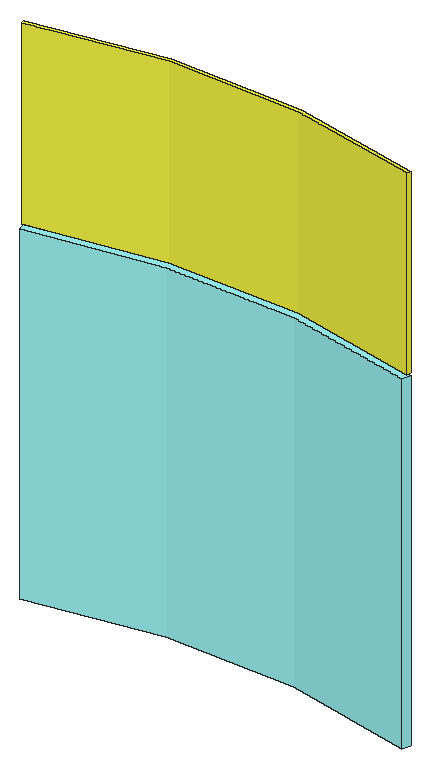
Revit family "EXP_WT-1A_CPan-008", category Curtain Panels, Revit 2021
Family settings
  OmniClass Number = 23.25.20.14.11.11.17
  OmniClass Title = Infill Panels
  Always vertical = Yes
  Cut with Voids When Loaded = Yes
  Shared = No
Parameters (values of type "R = 18'  0" _ H2 = 8' 5 1/2"")
  UI-UnitNumber [instance] = "01"
  UI-Quadrant [instance] = "SE"
  UI-ProjectAbbreviation = "NEU"
  UI-ItemCategory = "PID"
  UI-FloorNumber [instance] = "03"
  PNT-WallType = "WT1A"
  PNT-ProjectAbbreviation = "NEU"
  PNT-PanelType [instance] = "01"
  PNT-ItemCategory = "PNL"
  GlassSPH2(x2) [instance] = 0' - 2 3/8"
  GlassSPH1 [instance] = 0' - 1 1/8"
  GlassH2 [instance] = IG-1C(Glass)
  GlassH1 [instance] = IG-3C(Glass)
  Description = "Curve"
  Define Thermal Properties by = Schematic Type
  CellSp = 0' - 10 3/16"
  CellRayIN [instance] = CellRayEX - CellSp  # 17' - 1 13/16"
  CellRayEX = 18' - 0"
  CellLArch [instance] = 9' - 11.6335"
  CellH2 = 8' - 5 1/2"
  CellH1 [instance] = CellH - CellH2  # 4' - 7.98031"
  CellH [instance] = 13' - 1.48031"
  Analytic Construction = "<None>"
Types (6): name | CellRayIN | CellRayEX | CellLArch | CellH2 | CellH1
  R = 18'  0" _ H2 = 8' 5 1/2" | 17' - 1 13/16" | 18' - 0" | 9' - 11.6335" | 8' - 5 1/2" | 4' - 7.98031"
  R = 10'  6" _ H2 = 8' 5 1/2" | 9' - 7 13/16" | 10' - 6" | 10' - 2.92782" | 8' - 5 1/2" | 4' - 7.98031"
  R = 10'  6" _ H2 = 9' 8" | 9' - 7 13/16" | 10' - 6" | 10' - 2.92782" | 9' - 8" | 3' - 5.48031"
  R = 10'  6" _ H2 = 6' 0 1/2" | 9' - 7 13/16" | 10' - 6" | 10' - 2.92782" | 6' - 0 1/2" | 7' - 0.98031"
  R = 18'  0" _ H2 = 9' 8" | 17' - 1 13/16" | 18' - 0" | 9' - 11.6335" | 9' - 8" | 3' - 5.48031"
  R = 10'  6" _ H2 = 9'  11 1/2" | 9' - 7 13/16" | 10' - 6" | 10' - 2.92782" | 9' - 11 1/2" | 3' - 1.98031"
Reference planes (in)
  plane 1 "Center (Front/Back)": y = 0
  plane 2: z = 0
  plane 3 "Center (Left/Right)": x = 0
  plane 4 "Left": x = -59.05512
  plane 5 "Right": x = 59.05512
  plane 6 "Top": z = 157.48031
  plane 7: z = 101.5
Forms (in)
  Extrusion 1, solid, material "IG-1C(Glass)" <- "GlassH2", detail levels coarse+medium
    sketch origin (0, 0, 0) x (1, 0, 0) y (0, 1, 0)
      loop
        line (-59.05512, 0) -> (-56.26982, -9.79935)
        arc (-56.26982, -9.79935) -> (0, -1.95779) -> (56.26982, -9.79935) r 205.8125
        line (56.26982, -9.79935) -> (59.05512, 0)
        arc (59.05512, 0) -> (0, 8.22971) -> (-59.05512, 0) r 216
    from 0 to 101.5
  Extrusion 2, solid, material "IG-3C(Glass)" <- "GlassH1", detail levels coarse+medium
    sketch origin (0, 0, 0) x (1, 0, 0) y (0, 1, 0)
      loop
        arc (59.05512, 0) -> (0, 8.22971) -> (-59.05512, 0) r 216
        line (-59.05512, 0) -> (-56.26982, -9.79935)
        arc (-56.26982, -9.79935) -> (0, -1.95779) -> (56.26982, -9.79935) r 205.8125
        line (56.26982, -9.79935) -> (59.05512, 0)
    from 101.5 to 157.48031
Lines and regions (in)
  reference lines
    curve 1: line (59.05512, 0, 0) -> (0, -207.77029, 0)
    curve 2: line (-59.05512, 0, 0) -> (0, -207.77029, 0)
    curve 3: line (59.05512, 0, 0) -> (33.30348, 7.31946, 0)
    curve 4: line (-59.05512, 0, 0) -> (-31.03127, 7.96529, 0)
  model lines
    curve 5: arc (-59.05512, 0, 0) -> (0, 8.22971, 0) -> (59.05512, 0, 0) r 216
    curve 6: line (-59.05512, 0, 0) -> (-56.26982, -9.79935, 0)
    curve 7: line (59.05512, 0, 0) -> (56.26982, -9.79935, 0)
    curve 8: arc (56.26982, -9.79935, 0) -> (0, -1.95779, 0) -> (-56.26982, -9.79935, 0) r 205.8125
Text (in)
  text "Exterior" at (-92.59733, 55.75508, 0), in view "Ref. Level"
  text "Exterior" at (0, 90.18664, 173.49264), in view "Left"
  text "Exterior" at (0, 52.29083, 162.21847), in view "Right"
Dimensions and locks (in)
  equal spacing: plane 4 "Left", plane 3 "Center (Left/Right)", plane 5 "Right"
  "CellRayEX": curve 2 to curve 2
  "CellRayEX": curve 2 to curve 1
  "CellSp": curve 6 to curve 6
  "CellSp": curve 7 to curve 7
  "CellH": plane 2 to plane 6 "Top"
  "CellH2": plane 2 to plane 7
  "CellRayEX": radius of curve 5
  locked: curve 2 to curve 4 (angle 90.00°)
  locked: curve 3 to curve 1 (angle 90.00°)
  "CellLArch": arc length of Extrusion 1  (x2)
  aligned and locked: level to plane 2
  aligned and locked: curve 6 to curve 2
  aligned and locked: curve 7 to curve 1
  aligned and locked: Extrusion 1 sketch curve to curve 5
  aligned and locked: Extrusion 1 sketch curve to curve 8
  aligned and locked: Extrusion 1 sketch curve to curve 7
  aligned and locked: Extrusion 1 sketch curve to curve 6
  aligned and locked: Extrusion 1 to level
  aligned and locked: plane 7 to Extrusion 1
  aligned and locked: Extrusion 2 sketch curve to Extrusion 1  (x4)
  aligned and locked: Extrusion 2 to plane 6 "Top"
  aligned and locked: Extrusion 2 to plane 7
  aligned and locked: plane 4 "Left" to nested 1
  aligned and locked: plane 5 "Right" to nested 1
  aligned and locked: plane 1 "Center (Front/Back)" to nested 1
  aligned and locked: nested 1 to plane 6 "Top"
  aligned and locked: plane 7 to nested 1
  aligned and locked: plane 4 "Left" to nested 2
  aligned and locked: plane 5 "Right" to nested 2
  aligned and locked: plane 1 "Center (Front/Back)" to nested 2
  aligned and locked: plane 7 to nested 2
  aligned and locked: plane 2 to nested 2
Automatic sketch dimensions
  curve 5 to curve 8 = 0' - 0"
  plane 1 "Center (Front/Back)" to curve 5 = 0' - 0"
  curve 8 to plane 3 "Center (Left/Right)" = 0' - 0"
  plane 1 "Center (Front/Back)" to curve 4 = 0' - 0"
  curve 4 to plane 4 "Left" = 0' - 0"
  curve 2 to plane 3 "Center (Left/Right)" = 0' - 0"
  plane 1 "Center (Front/Back)" to curve 3 = 0' - 0"
Nested families (in)
  nested 1: "EXP_WT-1x_IG-010" at (0, 0, 129.49016), GlassRayEX <- "CellRayEX", GlassSP <- "GlassSPH1", MaterialGlass <- "GlassH1", type "GlassSP = H1", detail levels fine
    with MaterialGlass IG-3C(Glass), GlassSP 0' - 1 1/8", GlassRayIN 17' - 10 7/8", GlassRayEX 18' - 0", GlassL 9' - 8.23622", GlassH 4' - 6.29134", CellL 9' - 10.11024", CellH 4' - 7.98031"
  nested 2: "EXP_WT-1x_IG-010" at (0, 0, 50.75), GlassRayEX <- "CellRayEX", GlassSP <- "GlassSPH2(x2)", MaterialGlass <- "GlassH2", type "GlassSP = H2(x2)", detail levels fine
    with MaterialGlass IG-1C(Glass), GlassSP 0' - 2 3/8", GlassRayIN 17' - 9 5/8", GlassRayEX 18' - 0", GlassL 9' - 8.23622", GlassH 8' - 3.56299", CellL 9' - 10.11024", CellH 8' - 5 1/2"
Definition of nested family "EXP_WT-1x_IG-010"
  Parameters (values of type "GlassSP = H3")
    MaterialGlass [instance] = none
    GlassSP [instance] = 0' - 1.25197"
    GlassRayIN [instance] = GlassRayEX - GlassSP  # 17' - 10.74803"
    GlassRayEX [instance] = 18' - 0"
    GlassL [instance] = CellL - (GlassD1 + GlassD3)  # 3' - 10.94488"
    GlassH [instance] = CellH - (GlassD2 + GlassD4)  # 6' - 6.64788"
    GlassD4 = 0' - 1.43701"
    GlassD3 = 0' - 0.93701"
    GlassD2 = 0' - 0 1/2"
    GlassD1 = 0' - 0.93701"
    GMPI-ProjectAbbreviation = "NEU"
    GMPI-IteamCategory = "GLS"
    Default Elevation = 0' - 0"
    CellL [instance] = 4' - 0.8189"
    CellH [instance] = 6' - 8.58489"
  Types (5): name | GlassH | GlassD4 | GlassD2
    GlassSP = H3 | 6' - 6.64788" | 0' - 1.43701" | 0' - 0 1/2"
    GlassSP = H2(x3) | 6' - 7.83292" | 0' - 0.25197" | 0' - 0 1/2"
    GlassSP = H2(x2) | 6' - 6.64788" | 0' - 1.43701" | 0' - 0 1/2"
    GlassSP = H1 | 6' - 6.89592" | 0' - 0.25197" | 0' - 1.43701"
    GlassSP = H | 6' - 5.71088" | 0' - 1.43701" | 0' - 1.43701"
  Reference planes (in)
    plane 1 "Center (Front/Back)": y = 0
    plane 2: z = 0
    plane 3 "Center (Left/Right)": x = 0
    plane 4: z = 40.29245
    plane 5: z = -40.29245
    plane 6: z = 39.79245
    plane 7: z = -38.85544
    plane 8: x = -24.40945
    plane 9: x = 24.40945
  Forms (in)
    Extrusion 1, solid, material <- "MaterialGlass"
      sketch origin (0, 0, 0) x (1, 0, 0) y (0, 1, 0)
        loop
          line (-23.47821, 0.10387) -> (-23.33673, -1.14009)
          arc (-23.33673, -1.14009) -> (0, 0.13168) -> (23.33673, -1.14009) r 214.74803
          line (23.33673, -1.14009) -> (23.47821, 0.10387)
          arc (23.47821, 0.10387) -> (0, 1.38365) -> (-23.47821, 0.10387) r 216
      from -38.85544 to 39.79245
  Lines and regions (in)
    reference lines
      curve 1: line (-24.40945, 0, 0) -> (0, -214.61635, 0)
      curve 2: line (0, -214.61635, 0) -> (24.40945, 0, 0)
      curve 4: line (-6.33555, -150.62035, 0) -> (18.07389, -365.2367, 0)
      curve 5: line (-18.07389, -365.2367, 0) -> (6.33555, -150.62035, 0)
    model lines, not visible
      curve 3: arc (-24.40945, 0, 0) -> (0, 1.38365, 0) -> (24.40945, 0, 0) r 216
  Dimensions and locks (in)
    equal spacing: plane 4, level, plane 5
    "CellH": plane 4 to plane 5
    "GlassD2": plane 4 to plane 6
    "GlassD4": plane 7 to plane 5
    equal spacing: plane 8, plane 3 "Center (Left/Right)", plane 9
    "GlassRayEX": curve 2 to curve 2
    "GlassRayEX": curve 1 to curve 1
    "GlassD1": curve 1 to curve 4
    "GlassD3": curve 2 to curve 5
    "CellL": plane 8 to plane 9
    "GlassRayEX": radius of curve 3
    "GlassRayIN": radius of Extrusion 1 sketch curve
    aligned and locked: level to plane 2
    aligned and locked: Extrusion 1 sketch curve to curve 3
    aligned and locked: Extrusion 1 sketch curve to curve 4
    aligned and locked: curve 5 to Extrusion 1 sketch curve
    aligned and locked: plane 6 to Extrusion 1
    aligned and locked: Extrusion 1 to plane 7
  Automatic sketch dimensions
    plane 1 "Center (Front/Back)" to curve 3 = 0' - 0"  (x2)
    curve 3 to plane 8 = 0' - 0"
    curve 3 to plane 3 "Center (Left/Right)" = 0' - 0"
    plane 1 "Center (Front/Back)" to curve 1 = 0' - 0"
    curve 1 to plane 8 = 0' - 0"
    curve 2 to plane 3 "Center (Left/Right)" = 0' - 0"
    plane 1 "Center (Front/Back)" to curve 2 = 0' - 0"
    curve 5 to plane 8 = 0' - 6.33555"
    curve 4 to plane 3 "Center (Left/Right)" = 0' - 6.33555"
    plane 3 "Center (Left/Right)" to curve 5 = 0' - 6.33555"
    plane 9 to curve 4 = 0' - 6.33555"
    Extrusion 1 sketch curve to Extrusion 1 sketch curve = 0' - 0"  (x2)
